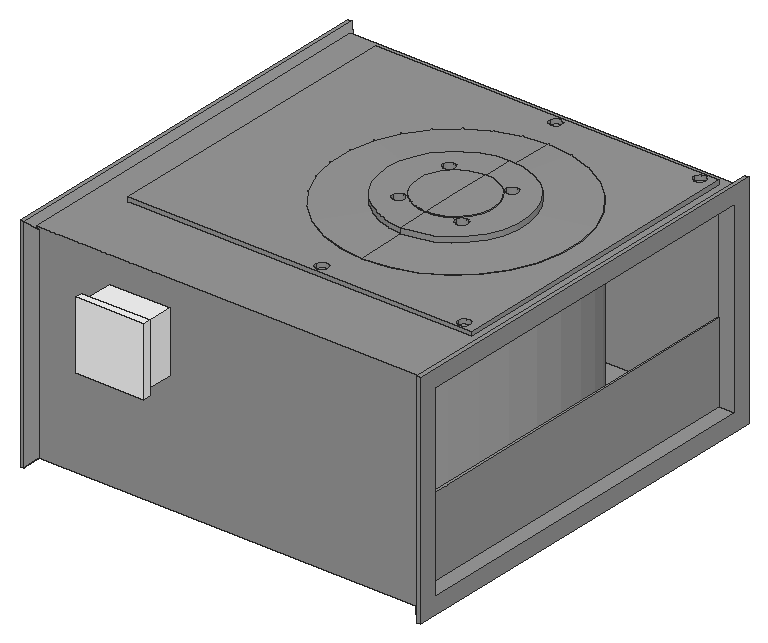
Revit family "RKB 500X250 E1 ErP AC_7470048", category Mechanical Equipment, Revit 2014
Parameters (values of type "RKB 500X250 E1 ErP AC")
  Wiring diagram = "4040001"
  Width = 532 mm
  Weight = 15.20 kg
  Voltage range = "220-240 V"
  Voltage = 230 V
  Speed = "2750 rpm"
  Sound pressure level at 3 m = "57 dB(A)"
  Power = 230 W
  Phase = 1
  Max. temperature of transported air when speed controlled = 60 °C
  Max. temperature of transported air = 60 °C
  Main Material = Steel, Galvanized
  Height = 293 mm
  Frequency = 50 Hz
  Elevation [instance] = 2600 mm
  Description = "UNINSULATED DUCT FANS WITH RECTANGULAR CONNECTIONS"
  Depth = 543 mm
  Current = 1.78 A
  Connector Height = 250 mm
  Connector Width = 500 mm
  Capacitor = "6 μF"
Reference planes
  plane 1 "Center (Front/Back)": y = 0
  plane 2: z = 0
  plane 3 "Center (Left/Right)": x = 0
  plane 4: x = -266
  plane 5: x = 266
  plane 6: y = 271.5
  plane 7: y = -271.5
  plane 8: z = 2600
  plane 9: z = 2893
Dimensions and locks
  equal spacing: plane 4, plane 3 "Center (Left/Right)", plane 5
  "Width": plane 4 to plane 5
  equal spacing: plane 6, plane 1 "Center (Front/Back)", plane 7
  "Depth": plane 6 to plane 7
  "Elevation": plane 8 to level
  "Height": plane 9 to plane 8
  aligned and locked: level to plane 2
  aligned and locked: nested 1 to plane 1 "Center (Front/Back)"
  aligned and locked: plane 1 "Center (Front/Back)" to nested 2
  aligned and locked: plane 3 "Center (Left/Right)" to nested 2
  aligned and locked: nested 2 to plane 8
  aligned and locked: plane 3 "Center (Left/Right)" to nested 1
Nested families
  nested 1: "Flow direction symbol" at (0, 0, 0), type "Flow direction symbol"
  nested 2: "RKB" at (0, 0, 2600), type "RKB"
Connectors
  hvac at (-266, 0, 2746.5), driven by "Connector Height", driven by "Connector Width"
    settings: on nested 2, index 1, duct flow 0.0 L/s, flow factor 0, pres drop 0.0 Pa, loss coef 0, conn angle 0.00°, conn width 500 mm, conn height 250 mm, conn diameter 609.6 mm, duct sys type 1, conn prof type 1, flow config 0, flow direction 1, loss method 0, conn ref index -1, conn util no, is conn primary yes, conn desc ""
  hvac at (266, 0, 2746.5), driven by "Connector Height", driven by "Connector Width"
    settings: on nested 2, index 2, duct flow 0.0 L/s, flow factor 0, pres drop 0.0 Pa, loss coef 0, conn angle 0.00°, conn width 500 mm, conn height 250 mm, conn diameter 609.6 mm, duct sys type 3, conn prof type 1, flow config 0, flow direction 2, loss method 0, conn ref index -1, conn util no, is conn primary no, conn desc ""
  electrical at (-107.218, -321.5, 2818.459), driven by "Phase", driven by "Voltage", driven by "Power"
    settings: on nested 2, index 3, voltage 230 V, apparent load 0 VA, apparent load phase1 230 VA, apparent load phase2 0 VA, apparent load phase3 0 VA, power factor 1, load classification "HVAC", number of poles 1, system type 31, power factor state 1, is connector primary yes, connector utility no, sub classification motor no, connector description ""
Definition of nested family "RKB"
  Parameters (values of type "RKB")
    Width = 532 mm
    Main Material = Steel, Galvanized
    Height = 294 mm
    Description = ""
    Depth = 543 mm
    Connector Width = 500 mm
    Connector Heigth = 250 mm
  Reference planes
    plane 1 "Center (Front/Back)": y = 0
    plane 2: z = 0
    plane 3 "Center (Left/Right)": x = 0
    plane 4: x = -266
    plane 5: x = 266
    plane 6: y = 271.5
    plane 7: y = -271.5
    plane 8: z = 294
    plane 9: z = 119
    plane 10: x = -107.218
    plane 11: z = 147
    plane 12: z = 272
    plane 13: z = 22
    plane 14: y = 250
    plane 15: y = -250
    plane 16: x = 59.705
    plane 17: y = 43.313
  Forms (mm)
    Sweep 1, solid, material "Steel, Galvanized" <- "Main Material", detail levels medium+fine
      path origin (-266, 864.407, 1200) x (0, 1, 0) y (0, 0, 1)
        loop
          line (-592.907, -1200) -> (-592.907, -906) -> (-1135.907, -906) -> (-1135.907, -1200) -> (-592.907, -1200)
      profile origin (-266, 271.5, 147) x (0, -1, 0) y (1, 0, 0)
        loop
          line (22.203, 21.231) -> (16.231, 21.231) -> (0, 5) -> (0, 0) -> (22.203, 0) -> (22.203, 21.231)
    Sweep 2, solid, material "Steel, Galvanized" <- "Main Material", detail levels medium+fine
      path origin (266, 864.407, 1200) x (0, 1, 0) y (0, 0, 1)
        loop
          line (-592.907, -1200) -> (-592.907, -906) -> (-1135.907, -906) -> (-1135.907, -1200) -> (-592.907, -1200)
      profile origin (266, 271.5, 147) x (0, -1, 0) y (1, 0, 0)
        loop
          line (22.203, -21.231) -> (22.203, 0) -> (0, 0) -> (0, -5) -> (16.231, -21.231) -> (22.203, -21.231)
    Sweep 3, solid, material "Steel, Galvanized" <- "Main Material", detail levels medium+fine
      path origin (0, 0, 0) x (1, 0, 0) y (0, 1, 0)
        loop
          line (-266, 0) -> (266, 0)
      profile origin (0, 0, 0) x (0, 1, 0) y (0, 0, 1)
        loop
          line (250, 272) -> (-250, 272) -> (-250, 22) -> (250, 22) -> (250, 272)
        loop
          line (-261, 286.827) -> (-261, 11) -> (261, 11) -> (261, 286.827) -> (-261, 286.827)
    Revolve 4, solid, material "Steel, Galvanized" <- "Main Material", detail levels medium+fine
      sketch origin (59.705, 28.533, 1213.989) x (0, -1, 0) y (0, 0, 1)
        loop
          line (-15.321, -1185.797) -> (-15.321, -911.741) -> (-64.781, -911.741) -> (-64.781, -912.761) -> (-105.679, -912.761) -> (-105.679, -919.989) -> (-170.321, -922.162) -> (-170.321, -1185.797) -> (-15.321, -1185.797)
        axis (-15.321, -911.741) -> (-15.321, -1185.797)
      angle from 0 to 360
    Sweep 5, void
      path origin (58.455, 35, 1200) x (-1, 0, 0) y (0, 0, 1)
        loop
          line (-1.25, -928.203) -> (-1.25, -878.203)
      profile origin (59.705, 35, 296.797) x (1, 0, 0) y (0, 1, 0)
        loop
          circle (41.921, 50.193) r 8
        loop
          circle (168.029, 204.186) r 8
        loop
          circle (-22.987, 203.453) r 8
        loop
          circle (167.323, -186.128) r 8
        loop
          circle (-22.387, -185.148) r 8
        loop
          circle (-41.921, 50.193) r 8
        loop
          circle (41.921, -33.566) r 8
        loop
          circle (-41.921, -33.566) r 8
    Sweep 6, solid, material "Steel, Galvanized" <- "Main Material", detail levels coarse
      path origin (0, 0, 0) x (1, 0, 0) y (0, 1, 0)
        loop
          line (-266, 0) -> (266, 0)
      profile origin (0, 0, 0) x (0, 1, 0) y (0, 0, 1)
        loop
          line (271.5, 294) -> (-271.5, 294) -> (-271.5, 0) -> (271.5, 0) -> (271.5, 294)
    Sweep 7, solid, material "Steel, Galvanized" <- "Main Material", detail levels medium+fine
      path origin (0, 0, 0) x (0, 1, 0) y (0, 0, 1)
        loop
          line (249.297, 22.203) -> (249.297, 127.203)
      profile origin (0, 249.297, 74.703) x (0, -1, 0) y (1, 0, 0)
        loop
          line (0, -244.769) -> (498.595, -244.769) -> (498.595, -241.769) -> (0, -241.769) -> (0, -244.769)
        loop
          line (0, 244.769) -> (0, 241.769) -> (498.595, 241.769) -> (498.595, 244.769) -> (0, 244.769)
    Sweep 8, solid, material "Plastic", detail levels medium+fine
      path origin (0, -16.231, 0) x (1, 0, 0) y (0, 1, 0)
        loop
          line (-107.218, -255.269) -> (-107.218, -295.269)
      profile origin (-107.218, -291.5, 0) x (1, 0, 0) y (0, 0, 1)
        loop
          line (-40, 178.459) -> (40, 178.459) -> (40, 258.459) -> (-40, 258.459) -> (-40, 178.459)
    Sweep 9, solid, material "Plastic", detail levels medium+fine
      path origin (0, -16.231, 0) x (1, 0, 0) y (0, 1, 0)
        loop
          line (-107.218, -295.269) -> (-107.218, -305.269)
      profile origin (-107.218, -316.5, 0) x (1, 0, 0) y (0, 0, 1)
        loop
          line (-45, 263.459) -> (-45, 173.459) -> (45, 173.459) -> (45, 263.459) -> (-45, 263.459)
    Extrusion 10, solid, material "Steel, Galvanized" <- "Main Material"
      sketch origin (0, 0, 0) x (0, 1, 0) y (0, 0, 1)
        loop
          line (249.297, 286.827) -> (249.297, 291.827) -> (-161.059, 291.827) -> (-161.059, 286.827) -> (249.297, 286.827)
      from -211.058 to 244.769
  Cuts and joins
    joined: Sweep 1, Sweep 2, Sweep 3
    Sweep 5 cuts Extrusion 10
    Sweep 5 cuts Revolve 4
  Dimensions and locks
    equal spacing: plane 4, plane 3 "Center (Left/Right)", plane 5
    "Width": plane 4 to plane 5
    equal spacing: plane 6, plane 1 "Center (Front/Back)", plane 7
    "Depth": plane 6 to plane 7
    "Height": plane 8 to level
    Sweep 5 sketch curve to plane 8 to Sweep 5 sketch curve = 27.797 mm locked, 22.203 mm locked
    locked: Sweep 7 sketch curve to plane 2 at 22.203
    Sweep 7 sketch curve to Sweep 7 sketch curve = 105 mm
    locked: plane 6 to Sweep 7 sketch curve at 22.203  (x2)
    locked: plane 4 to Sweep 7 sketch curve at 21.231
    locked: Sweep 7 sketch curve to Sweep 7 sketch curve at 3  (x2)
    locked: Sweep 7 sketch curve to plane 7 at 22.203  (x2)
    locked: Sweep 7 sketch curve to plane 6 at 22.203
    locked: Sweep 7 sketch curve to plane 5 at 21.231
    Sweep 8 sketch curve to plane 7 to Sweep 8 sketch curve = 0 mm, 40 mm
    plane 7 to Sweep 9 sketch curve to Sweep 9 sketch curve = 40 mm, 10 mm locked
    equal spacing: plane 8, plane 11, plane 2
    "Connector Heigth": plane 12 to plane 13
    equal spacing: plane 12, plane 11, plane 13
    "Connector Width": plane 14 to plane 15
    equal spacing: plane 14, plane 1 "Center (Front/Back)", plane 15
    Sweep 3 sketch curve to Sweep 3 sketch curve = 522 mm
    aligned and locked: level to plane 2
    aligned and locked: Sweep 1 sketch curve to plane 6
    aligned and locked: plane 7 to Sweep 1 sketch curve
    aligned and locked: plane 2 to Sweep 1 sketch curve
    aligned and locked: Sweep 1 sketch curve to plane 8
    aligned and locked: Sweep 2 sketch curve to plane 8
    aligned and locked: plane 2 to Sweep 2 sketch curve
    aligned and locked: plane 7 to Sweep 2 sketch curve
    aligned and locked: Sweep 2 sketch curve to plane 6
    aligned and locked: plane 1 "Center (Front/Back)" to Sweep 3 sketch curve
    aligned and locked: plane 1 "Center (Front/Back)" to Sweep 6 sketch curve
    aligned and locked: plane 2 to Sweep 6 sketch curve
    aligned and locked: plane 7 to Sweep 6 sketch curve
    aligned and locked: Sweep 6 sketch curve to plane 6
    aligned and locked: Sweep 6 sketch curve to plane 8
    aligned and locked: plane 10 to Sweep 8 sketch curve
    aligned and locked: plane 13 to Sweep 3 sketch curve
    aligned and locked: plane 15 to Sweep 3 sketch curve
    aligned and locked: Sweep 3 sketch curve to plane 12
    aligned and locked: Sweep 3 sketch curve to plane 14
    aligned and locked: Extrusion 10 to cut or joined group of Sweep 1, Sweep 2, Sweep 3
    aligned and locked: Extrusion 10 sketch curve to cut or joined group of Sweep 1, Sweep 2, Sweep 3
    aligned and locked: plane 8 to Revolve 4 sketch curve
    aligned and locked: cut or joined group of Sweep 5, Extrusion 10 to Revolve 4 sketch curve
  Automatic sketch dimensions
    Sweep 1 sketch curve to profile plane = 0 mm
    Sweep 1 sketch curve to plane 4 = 0 mm
    Sweep 1 sketch curve to profile plane = 16.231 mm
    Sweep 1 sketch curve to Sweep 1 sketch curve = 5.972 mm
    plane 4 to Sweep 1 sketch curve = 5 mm
    plane 4 to Sweep 1 sketch curve = 21.231 mm
    Sweep 2 sketch curve to profile plane = 0 mm
    Sweep 2 sketch curve to plane 5 = 0 mm
    Sweep 2 sketch curve to profile plane = 16.231 mm
    Sweep 2 sketch curve to Sweep 2 sketch curve = 5.972 mm
    Sweep 2 sketch curve to Sweep 2 sketch curve = 5 mm
    Sweep 2 sketch curve to Sweep 2 sketch curve = 21.231 mm
    Sweep 3 sketch curve to plane 4 = 0 mm
    Sweep 3 sketch curve to plane 5 = 0 mm
    Sweep 6 sketch curve to plane 4 = 0 mm
    Sweep 6 sketch curve to plane 5 = 0 mm
    profile plane to Sweep 8 sketch curve = 40 mm
    Sweep 8 sketch curve to profile plane = 40 mm
    level to Sweep 8 sketch curve = 178.459 mm
    Sweep 8 sketch curve to Sweep 8 sketch curve = 80 mm
    profile plane to Sweep 9 sketch curve = 45 mm
    Sweep 9 sketch curve to profile plane = 45 mm
    level to Sweep 9 sketch curve = 173.459 mm
    Sweep 9 sketch curve to Sweep 9 sketch curve = 90 mm
    level to Sweep 3 sketch curve = 11 mm
    Sweep 3 sketch curve to Sweep 3 sketch curve = 14.827 mm
    plane 3 "Center (Left/Right)" to Sweep 5 sketch curve = 59.705 mm
    Sweep 3 sketch curve to Sweep 3 sketch curve = 11 mm
    Sweep 9 sketch curve to plane 10 = 0 mm
    profile plane to Sweep 5 sketch curve = 41.921 mm  (x2)
    profile plane to Sweep 5 sketch curve = 22.987 mm
    profile plane to Sweep 5 sketch curve = 22.387 mm
    Sweep 5 sketch curve to profile plane = 41.921 mm  (x2)
    Sweep 5 sketch curve to profile plane = 168.029 mm
    Sweep 5 sketch curve to profile plane = 167.323 mm
    Sweep 5 sketch curve to profile plane = 185.148 mm
    Sweep 5 sketch curve to profile plane = 186.128 mm
    Sweep 5 sketch curve to profile plane = 33.566 mm  (x2)
    profile plane to Sweep 5 sketch curve = 50.193 mm  (x2)
    Sweep 5 sketch curve to Sweep 5 sketch curve = 153.992 mm
    Sweep 5 sketch curve to Sweep 5 sketch curve = 153.26 mm
    Extrusion 10 sketch curve to plane 14 = 0.703 mm
    plane 15 to Extrusion 10 sketch curve = 88.941 mm
    Extrusion 10 sketch curve to Extrusion 10 sketch curve = 5 mm
    Revolve 4 sketch curve to plane 14 = 51.146 mm
    plane 8 to Revolve 4 sketch curve = 7.228 mm
    Revolve 4 sketch curve to Revolve 4 sketch curve = 64.642 mm
    plane 8 to Revolve 4 sketch curve = 8.248 mm
    Revolve 4 sketch curve to Revolve 4 sketch curve = 40.898 mm
    Revolve 4 sketch curve to plane 17 = 0.54 mm  (x2)
    plane 13 to Revolve 4 sketch curve = 6.192 mm
    Revolve 4 sketch curve to Revolve 4 sketch curve = 0 mm
    Revolve 4 sketch curve to Revolve 4 sketch curve = 10.511 mm
    radius of Sweep 5 sketch curve = 8 mm  (x8)
Definition of nested family "Flow direction symbol"
  Parameters (values of type "Flow direction symbol")
    Warning = "!"
    Text = "DIMENSIONS OVERCONSTRAINT"
  Reference planes
    plane 1: y = 0
    plane 2: x = 0
  Lines and regions (mm)
    detail lines
      curve 1: line (-0.506, 0.877, 0) -> (-0.506, -0.877, 0)
      curve 2: line (1.012, 0, 0) -> (-0.506, -0.877, 0)
      curve 3: line (-0.506, 0.877, 0) -> (1.012, 0, 0)
      curve 4: circle (0, 0, 0) r 1 normal (0, 0, 1)
